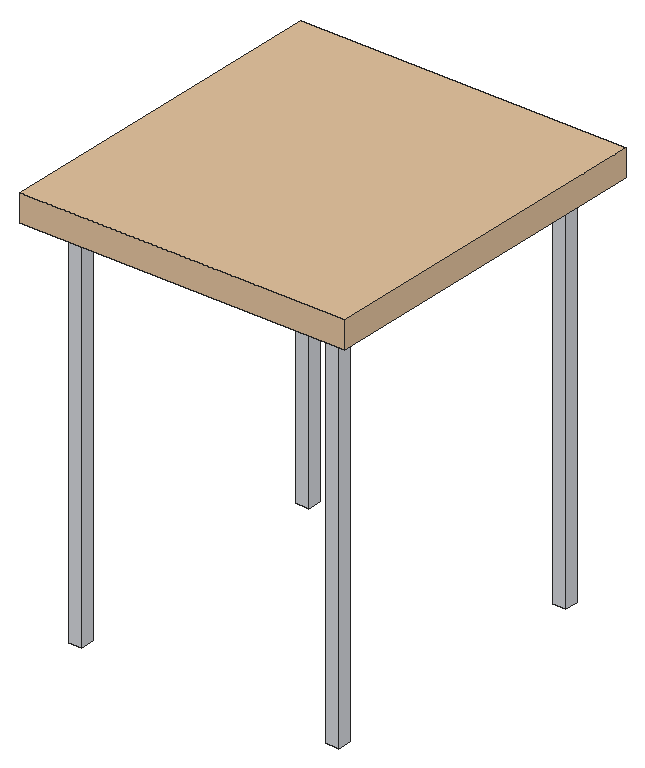
Revit family "RYN_FUR_StudyTable", category Furniture, Revit 2025
Family settings
  OmniClass Number = 23.40.20.14.17
  OmniClass Title = Residential Tables and Cabinets
  Work Plane-Based = No
  Enable Cutting in Views = No
  Always vertical = Yes
  Cut with Voids When Loaded = No
  Render Appearance Source = Family Geometry
  Shared = Yes
  Room Calculation Point = No
Parameters (values of type "L600 x W650 x H750 mm")
  FOOT OFF = 50.00 mm
  FOOT = 25.00 mm
  Desk Thickness = 50.00 mm
  Default Elevation = 0.00 mm
  Base Material = Birch
  Height = 750.00 mm
  Length = 600.00 mm
  Top Material = Birch
  Width = 650.00 mm
Types (4, lengths in mm): name | FOOT OFF | FOOT | Desk Thickness | Height | Length | Width
  L600 x W650 x H750 mm | 50.00 | 25.00 | 50.00 | 750.00 | 600.00 | 650.00
  L2400 x W800 x H1000 mm | 67.969 | 30.00 | 46.647 | 1000.00 | 2400.00 | 800.00
  L600 x W600 x H750 mm | 67.969 | 30.00 | 46.647 | 750.00 | 600.00 | 600.00
  L1200 x W750 x H750 mm | 50.00 | 25.00 | 50.00 | 750.00 | 1200.00 | 750.00
Reference planes
  plane 1: y = 0
  plane 2: z = 0
  plane 3: x = 0
  plane 4: z = 750
  plane 5: y = 325
  plane 6: y = -325
  plane 7: x = 300
  plane 8: x = -300
  plane 9: x = -250
  plane 10: x = 250
  plane 11: y = 275
  plane 12: y = -275
  plane 13: x = 225
  plane 14: x = -225
  plane 15: y = 250
  plane 16: y = -250
  plane 17: z = 700
Forms (mm)
  Extrusion 1, solid, material "Birch" <- "Top Material"
    sketch origin (-601.422, -263.73, 0) x (1, 0, 0) y (0, 1, 0)
      loop
        line (301.422, 588.73) -> (301.422, -61.27) -> (901.422, -61.27) -> (901.422, 588.73) -> (301.422, 588.73)
    from 700 to 750
  Extrusion 2, solid
    sketch origin (0, 0, 0) x (1, 0, 0) y (0, 1, 0)
      loop
        line (-250, 250) -> (-225, 250) -> (-225, 275) -> (-250, 275) -> (-250, 250)
      loop
        line (225, 250) -> (250, 250) -> (250, 275) -> (225, 275) -> (225, 250)
      loop
        line (-250, -275) -> (-225, -275) -> (-225, -250) -> (-250, -250) -> (-250, -275)
      loop
        line (225, -275) -> (250, -275) -> (250, -250) -> (225, -250) -> (225, -275)
    from 0 to 700
Lines and regions (mm)
  Masking region 1
    outline origin (0, 0, 0) x (1, 0, 0) y (0, 1, 0)
      loop
        line (-300, 325) -> (-300, -325) -> (300, -325) -> (300, 325) -> (-300, 325)
Dimensions and locks
  "Height": plane 2 to plane 4
  Extrusion 1 to Extrusion 1 = 50.00 mm
  "Length": plane 8 to plane 7
  equal spacing: plane 8, plane 3, plane 7
  "Width": plane 5 to plane 6
  equal spacing: plane 5, plane 1, plane 6
  "FOOT OFF": plane 8 to plane 9
  "FOOT OFF": plane 7 to plane 10
  "FOOT OFF": plane 5 to plane 11
  "FOOT OFF": plane 6 to plane 12
  "FOOT": plane 13 to plane 10
  "FOOT": plane 14 to plane 9
  "FOOT": plane 15 to plane 11
  "FOOT": plane 16 to plane 12
  "Desk Thickness": plane 4 to plane 17
  aligned and locked: Extrusion 1 to plane 4
  aligned and locked: Extrusion 1 sketch curve to plane 5
  aligned and locked: plane 8 to Extrusion 1 sketch curve
  aligned and locked: Extrusion 1 sketch curve to plane 6
  aligned and locked: plane 7 to Extrusion 1 sketch curve
  aligned and locked: plane 6 to Masking region 1 sketch curve
  aligned and locked: Masking region 1 sketch curve to plane 5
  aligned and locked: Masking region 1 sketch curve to plane 8
  aligned and locked: plane 7 to Masking region 1 sketch curve
  aligned and locked: plane 15 to Extrusion 2 sketch curve  (x2)
  aligned and locked: Extrusion 2 sketch curve to plane 9  (x2)
  aligned and locked: Extrusion 2 sketch curve to plane 11  (x2)
  aligned and locked: plane 14 to Extrusion 2 sketch curve  (x2)
  aligned and locked: plane 13 to Extrusion 2 sketch curve  (x2)
  aligned and locked: Extrusion 2 sketch curve to plane 10  (x2)
  aligned and locked: Extrusion 2 sketch curve to plane 12  (x2)
  aligned and locked: plane 16 to Extrusion 2 sketch curve  (x2)
  aligned and locked: Extrusion 1 to plane 17
  aligned and locked: plane 17 to Extrusion 2
  aligned and locked: Extrusion 2 to plane 2
